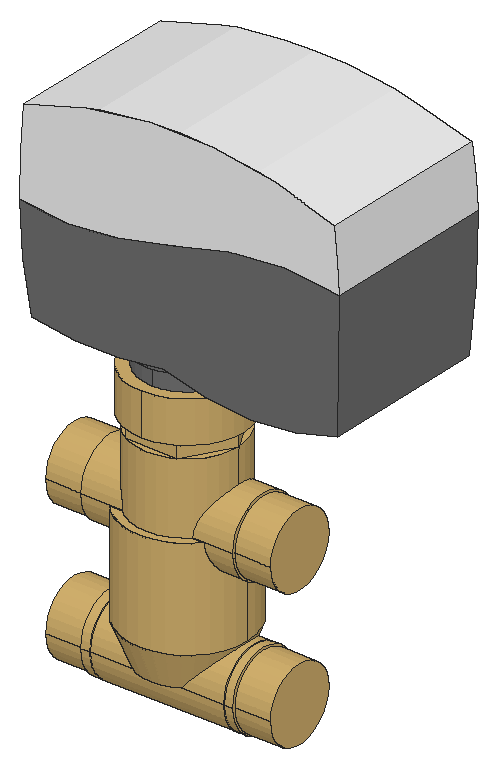
Revit family "VZL4_DN15-20_AMV(E) 130_140 (X)_RFA_1", category Pipe Accessories, Revit 2019
Family settings
  Round Connector Dimension = Use Diameter
  Part Type = Valve - Breaks Into
  OmniClass Number = 23.65.55.14.17
  OmniClass Title = Adjusting/Controlling Valves for Liquid Services
  Work Plane-Based = No
  Always vertical = Yes
  Cut with Voids When Loaded = No
  Shared = No
Parameters (values of type "VZL4_DN15_Kvs0.25_Conex_065Z2060")
  Weight = 0.39 kg
  W = 49.9 mm  # constant formula
  Voltage = if(or(Actuator Type = [082H0050], Actuator Type = [082H8037], Actuator Type = [082H8039]), 230 V, 24 V)  # 24 V
  Valve Body Material = Danfoss Brass
  URL = "https://store.danfoss.com/en/Climate-Solutions-for-heating/Motorised-Control-Valves-/Globe-Valves/Valves-for-Terminal-%26-Zone/c/4107?q=%3Arelevance%3Adanfoss_producttypehierarchydesc%3A10ae8e4584e60497f1cedf8b647fb92831fa8304&text="
  Stroke = "2.8 mm"  # constant formula
  R6 = 13 mm
  R3 = 11 mm
  R5 = 17.5 mm
  R4 = 15 mm
  R2 = 11 mm
  R1_1 = 11 mm
  R1 = 10.5 mm
  Pressure Drop [instance] = 0.0 bar
  Power = if(or(Actuator Type = [082H8044], Actuator Type = [082H8045]), 1.3 VA, if(or(Actuator Type = [082H8065]), 1.5 VA, if(or(Actuator Type = [082H0050], Actuator Type = [082H8037], Actuator Type = [082H8039]), 8 VA, 1 VA)))  # 1.3 VA
  Nominal Pressure = "PN 16"  # constant formula
  Model Type = "VZL4_DN15_Kvs0.25_Conex"
  Model = "065Z2060"
  Min Medium Temperature = "2°C"  # constant formula
  Max Operating Pressure = "16 bar"  # constant formula
  Max Medium Temperature = "120°C"  # constant formula
  Max Differential Pressure = "2.5 bar"
  Manufacturer = "Danfoss"  # constant formula
  LOD 350 = not(LOD 200)  # yes
  LOD 200 = no
  L1 = 10.5 mm
  L = 65 mm
  Kvs (B-AB) = 0.25 m³/h
  Kvs (A-AB) = 0.25 m³/h
  IfcExportType = "VZL4"  # constant formula
  IfcExportAs = "IfcValveType"  # constant formula
  Ha [instance] = 113.2 mm
  H2 = 51 mm
  H1 = 20.5 mm
  H [instance] = 164.2 mm
  Flow [instance] = 0.0 m³/h
  Description = "Motorized Control Valve"  # constant formula
  D1 = R2 * 2  # 22 mm
  D = 15 mm
  Connection = "External Thread"  # constant formula
  C = 40 mm
  Actuator Type = AMV(E) 130_140 (X)_RFA : AME 130_24V_1.5m_082H8044
  082H8065 = AMV(E) 130_140 (X)_RFA : AME 140 X_24V_1.5m_082H8065
  082H8045 = AMV(E) 130_140 (X)_RFA : AME 140_24V_1.5m_082H8045
  082H8044 = AMV(E) 130_140 (X)_RFA : AME 130_24V_1.5m_082H8044
  082H8039 = AMV(E) 130_140 (X)_RFA : AMV 140_230V_1.5m_082H8039
  082H8037 = AMV(E) 130_140 (X)_RFA : AMV 130_230V_1.5m_082H8037
  082H0050 = AMV(E) 130_140 (X)_RFA : AMV 130_230V_0.5m_IP_082H0050
Types (15, lengths in mm): name | Weight | R3 | R5 | R4 | R2 | R1_1 | R1 | Model Type | Model | Max Differential Pressure | L1 | L | Kvs (B-AB) | Kvs (A-AB) | H2 | H1 | D1 | D | C
  (no name) | 0.39 kg | 11 | 17.5 | 15 | 11 | 11 | 10.5 | "VZL4_DN15_Kvs0.25_Conex" | "065Z2060" | "2.5 bar" | 10.5 | 65 | 0.25 m³/h | 0.25 m³/h | 51 | 20.5 | 22 | 15 | 40
  VZL4_DN15_Kvs0.25_Flat End_065Z2090 | 0.39 kg | 11 | 17.5 | 15 | 11 | 11 | 10.5 | "VZL4_DN15_Kvs0.25_Flat End" | "065Z2090" | "2.5 bar" | 10.5 | 65 | 0.25 m³/h | 0.25 m³/h | 51 | 20.5 | 22 | 15 | 40
  VZL4_DN20_Kvs3.5_Conex_065Z2066 | 0.59 kg | 12.5 | 20 | 18.5 | 15.5 | 14.3 | 14.3 | "VZL4_DN20_Kvs3.5_Conex" | "065Z2066" | "1.0 bar" | 11.5 | 77 | 2.5 m³/h | 3.5 m³/h | 64.25 | 26.5 | 31 | 20 | 50
  VZL4_DN15_Kvs0.4_Flat End_065Z2091 | 0.39 kg | 11 | 17.5 | 15 | 11 | 11 | 10.5 | "VZL4_DN15_Kvs0.4_Flat End" | "065Z2091" | "2.5 bar" | 10.5 | 65 | 0.25 m³/h | 0.4 m³/h | 51 | 20.5 | 22 | 15 | 40
  VZL4_DN15_Kvs0.63_Flat End_065Z2092 | 0.39 kg | 11 | 17.5 | 15 | 11 | 11 | 10.5 | "VZL4_DN15_Kvs0.63_Flat End" | "065Z2092" | "2.5 bar" | 10.5 | 65 | 0.4 m³/h | 0.63 m³/h | 51 | 20.5 | 22 | 15 | 40
  VZL4_DN15_Kvs1.0_Conex_065Z2063 | 0.39 kg | 11 | 17.5 | 15 | 11 | 11 | 10.5 | "VZL4_DN15_Kvs1.0_Conex" | "065Z2063" | "2.0 bar" | 10.5 | 65 | 0.63 m³/h | 1.0 m³/h | 51 | 20.5 | 22 | 15 | 40
  VZL4_DN15_Kvs1.6_Flat End_065Z2094 | 0.39 kg | 11 | 17.5 | 15 | 11 | 11 | 10.5 | "VZL4_DN15_Kvs1.6_Flat End" | "065Z2094" | "2.0 bar" | 10.5 | 65 | 1.0 m³/h | 1.6 m³/h | 51 | 20.5 | 22 | 15 | 40
  VZL4_DN15_Kvs0.25_Conex_065Z2060 | 0.39 kg | 11 | 17.5 | 15 | 11 | 11 | 10.5 | "VZL4_DN15_Kvs0.25_Conex" | "065Z2060" | "2.5 bar" | 10.5 | 65 | 0.25 m³/h | 0.25 m³/h | 51 | 20.5 | 22 | 15 | 40
  VZL4_DN15_Kvs0.4_Conex_065Z2061 | 0.39 kg | 11 | 17.5 | 15 | 11 | 11 | 10.5 | "VZL4_DN15_Kvs0.4_Conex" | "065Z2061" | "2.5 bar" | 10.5 | 65 | 0.25 m³/h | 0.4 m³/h | 51 | 20.5 | 22 | 15 | 40
  VZL4_DN15_Kvs0.63_Conex_065Z2062 | 0.39 kg | 11 | 17.5 | 15 | 11 | 11 | 10.5 | "VZL4_DN15_Kvs0.63_Conex" | "065Z2062" | "2.5 bar" | 10.5 | 65 | 0.4 m³/h | 0.63 m³/h | 51 | 20.5 | 22 | 15 | 40
  VZL4_DN15_Kvs1.6_Conex_065Z2064 | 0.39 kg | 11 | 17.5 | 15 | 11 | 11 | 10.5 | "VZL4_DN15_Kvs1.6_Conex" | "065Z2064" | "2.0 bar" | 10.5 | 65 | 1.0 m³/h | 1.6 m³/h | 51 | 20.5 | 22 | 15 | 40
  VZL4_DN15_Kvs1.0_Flat End_065Z2093 | 0.39 kg | 11 | 17.5 | 15 | 11 | 11 | 10.5 | "VZL4_DN15_Kvs1.0_Flat End" | "065Z2093" | "2.0 bar" | 10.5 | 65 | 0.63 m³/h | 1.0 m³/h | 51 | 20.5 | 22 | 15 | 40
  VZL4_DN20_Kvs2.5_Conex_065Z2065 | 0.59 kg | 12.5 | 20 | 18.5 | 15.5 | 14.3 | 14.3 | "VZL4_DN20_Kvs2.5_Conex" | "065Z2065" | "1.0 bar" | 11.5 | 77 | 1.6 m³/h | 2.5 m³/h | 64.25 | 26.5 | 31 | 20 | 50
  VZL4_DN20_Kvs2.5_Flat End_065Z2095 | 0.59 kg | 12.5 | 20 | 18.5 | 15.5 | 14.3 | 14.3 | "VZL4_DN20_Kvs2.5_Flat End" | "065Z2095" | "1.0 bar" | 11.5 | 77 | 1.6 m³/h | 2.5 m³/h | 64.25 | 26.5 | 31 | 20 | 50
  VZL4_DN20_Kvs3.5_Flat End_065Z2096 | 0.59 kg | 12.5 | 20 | 18.5 | 15.5 | 14.3 | 14.3 | "VZL4_DN20_Kvs3.5_Flat End" | "065Z2096" | "1.0 bar" | 11.5 | 77 | 2.5 m³/h | 3.5 m³/h | 64.25 | 26.5 | 31 | 20 | 50
Reference planes
  plane 1 "Center (Front/Back)": y = 0
  plane 2: z = 0
  plane 3 "Center (Left/Right)": x = 0
  plane 4: z = -51
  plane 5: x = -32.5
  plane 6: x = 32.5
  plane 7: x = -22
  plane 8: x = 22
  plane 9: z = 20.5
  plane 10: z = 30.4
  plane 11 "c": z = -40
  plane 12: z = -40
  plane 13: x = -19.4
  plane 14: x = 19.4
  plane 15: z = -29
  plane 16: y = -24.95
  plane 17: y = 24.95
Forms (mm)
  Extrusion 1, solid, material "Danfoss Brass" <- "Valve Body Material", visible <- "LOD 350", detail levels fine
    sketch origin (0, 0, 0) x (0, 1, 0) y (0, 0, 1)
      loop
        circle (0, 0) r 10.5
    from 22 to 32.5
  Extrusion 2, solid, material "Danfoss Brass" <- "Valve Body Material", visible <- "LOD 350", detail levels fine
    sketch origin (0, 0, 0) x (0, 1, 0) y (0, 0, 1)
      loop
        circle (0, 0) r 10.5
    from -32.5 to -22
  Extrusion 3, solid, material "Danfoss Brass" <- "Valve Body Material", visible <- "LOD 350", detail levels fine
    sketch origin (0, 0, 0) x (0, 1, 0) y (0, 0, 1)
      loop
        circle (0, 0) r 11
    from -22 to 22
  Extrusion 4, solid, material "Danfoss Brass" <- "Valve Body Material", visible <- "LOD 350", detail levels fine
    sketch origin (0, 0, 0) x (1, 0, 0) y (0, 1, 0)
      loop
        circle (0, 0) r 17.5
    from -29 to 0
  Extrusion 5, solid, material "Danfoss Brass" <- "Valve Body Material", visible <- "LOD 350", detail levels fine
    sketch origin (0, 0, 0) x (1, 0, 0) y (0, 1, 0)
      loop
        circle (0, 0) r 15
    from 0 to 20.5
  Extrusion 6, solid, material "Danfoss Brass" <- "Valve Body Material", visible <- "LOD 350", detail levels fine
    sketch origin (0, 0, 0) x (1, 0, 0) y (0, 1, 0)
      loop
        line (-7.506, 13) -> (-15.011, 0) -> (-7.506, -13) -> (7.506, -13) -> (15.011, 0) -> (7.506, 13) -> (-7.506, 13)
    from 20.5 to 30.4
  Extrusion 7, solid, material "Danfoss Brass" <- "Valve Body Material", visible <- "LOD 200", detail levels fine
    sketch origin (0, 0, 0) x (0, 1, 0) y (0, 0, 1)
      loop
        circle (0, 0) r 10.5
    from -32.5 to 32.5
  Extrusion 8, solid, material "Danfoss Brass" <- "Valve Body Material", visible <- "LOD 200", detail levels fine
    sketch origin (0, 0, 0) x (1, 0, 0) y (0, 1, 0)
      loop
        circle (0, 0) r 17.5
    from -40 to 30.4
  Extrusion 9, solid, material "Danfoss Brass" <- "Valve Body Material", visible <- "LOD 350", detail levels fine
    sketch origin (0, 0, -40) x (0, 1, 0) y (0, 0, 1)
      loop
        circle (0, 0) r 11
    from -19.4 to 19.4
  Extrusion 10, solid, material "Danfoss Brass" <- "Valve Body Material", visible <- "LOD 350", detail levels fine
    sketch origin (0, 0, -40.189) x (0, 1, 0) y (0, 0, 1)
      loop
        circle (0, 0.189) r 10.5
    from 22 to 32.5
  Extrusion 11, solid, material "Danfoss Brass" <- "Valve Body Material", visible <- "LOD 350", detail levels fine
    sketch origin (0, 0, -40.189) x (0, 1, 0) y (0, 0, 1)
      loop
        circle (0, 0.189) r 10.5
    from -32.5 to -22
  Blend 12, solid, material "Danfoss Brass" <- "Valve Body Material", visible <- "LOD 350", detail levels fine
    base sketch origin (0, 0, 0) x (0, 1, 0) y (0, 0, 1)
      loop
        circle (0, -40) r 11
    top sketch origin (0, 0, 0) x (0, 1, 0) y (0, 0, 1)
      loop
        circle (0, -40) r 11
    from -22 to -19.4
  Blend 13, solid, material "Danfoss Brass" <- "Valve Body Material", visible <- "LOD 350", detail levels fine
    base sketch origin (0, 0, 0) x (0, 1, 0) y (0, 0, -1)
      loop
        circle (0, 40) r 11
    top sketch origin (0, 0, 0) x (0, 1, 0) y (0, 0, -1)
      loop
        circle (0, 40) r 11
    from -22 to -19.4
  Extrusion 14, solid, material "Danfoss Brass" <- "Valve Body Material", visible <- "LOD 200", detail levels fine
    sketch origin (0, 0, -49.6) x (0, 1, 0) y (0, 0, 1)
      loop
        circle (0, 9.6) r 10.5
    from -32.5 to 32.5
  Blend 15, solid, material "Danfoss Brass" <- "Valve Body Material", visible <- "LOD 350", detail levels fine
    base sketch origin (0, 0, 0) x (1, 0, 0) y (0, 1, 0)
      loop
        circle (0, 0) r 17.5
    top sketch origin (0, 0, 0) x (1, 0, 0) y (0, 1, 0)
      loop
        circle (0, 0) r 13
    from -29 to -40
Dimensions and locks
  "H2": level to plane 4
  "H1": plane 9 to level
  "L": plane 6 to plane 5
  "L1": plane 7 to plane 5
  "L1": plane 6 to plane 8
  equal spacing: plane 6, plane 3 "Center (Left/Right)", plane 5
  locked: plane 10 to plane 9 at 9.9
  level to plane 4 = 51 mm
  "R3": plane 12 to plane 4
  "C": level to plane 11 "c"
  locked: plane 13 to plane 7 at 2.6
  locked: plane 8 to plane 14 at 2.6
  "R3": plane 15 to plane 11 "c"
  equal spacing: plane 16, plane 1 "Center (Front/Back)", plane 17
  "W": plane 16 to plane 17
  locked: plane 10 to nested 2 at 5.6
  "Ha": nested 2 to plane 2
  "H": nested 2 to plane 4
  "R1": radius of Extrusion 1 sketch curve
  "R1": radius of Extrusion 2 sketch curve
  "R2": radius of Extrusion 3 sketch curve
  "R5": radius of Extrusion 4 sketch curve
  "R4": radius of Extrusion 5 sketch curve
  "R1": radius of Extrusion 7 sketch curve
  "R5": radius of Extrusion 8 sketch curve
  "R3": radius of Extrusion 9 sketch curve
  "R1": radius of Extrusion 10 sketch curve
  "R1": radius of Extrusion 11 sketch curve
  "R1_1": radius of Blend 12 sketch curve
  "R3": radius of Blend 12 sketch curve
  "R1_1": radius of Blend 13 sketch curve
  "R3": radius of Blend 13 sketch curve
  "R1": radius of Extrusion 14 sketch curve
  "R5": radius of Blend 15 sketch curve
  "R6": radius of Blend 15 sketch curve
  aligned and locked: level to plane 2
  aligned and locked: plane 1 "Center (Front/Back)" to Extrusion 1 sketch curve
  aligned and locked: level to Extrusion 1 sketch curve
  aligned and locked: plane 6 to Extrusion 1
  aligned and locked: Extrusion 1 to plane 8
  aligned and locked: plane 1 "Center (Front/Back)" to Extrusion 2 sketch curve
  aligned and locked: level to Extrusion 2 sketch curve
  aligned and locked: Extrusion 2 to plane 5
  aligned and locked: plane 7 to Extrusion 2
  aligned and locked: plane 1 "Center (Front/Back)" to Extrusion 3 sketch curve
  aligned and locked: level to Extrusion 3 sketch curve
  aligned and locked: Extrusion 3 to plane 7
  aligned and locked: plane 8 to Extrusion 3
  aligned and locked: plane 3 "Center (Left/Right)" to Extrusion 4 sketch curve
  aligned and locked: plane 1 "Center (Front/Back)" to Extrusion 4 sketch curve
  aligned and locked: level to Extrusion 4
  aligned and locked: plane 3 "Center (Left/Right)" to Extrusion 5 sketch curve
  aligned and locked: plane 1 "Center (Front/Back)" to Extrusion 5 sketch curve
  aligned and locked: plane 9 to Extrusion 5
  aligned and locked: Extrusion 6 to plane 9
  aligned and locked: plane 10 to Extrusion 6
  aligned and locked: plane 1 "Center (Front/Back)" to Extrusion 7 sketch curve
  aligned and locked: level to Extrusion 7 sketch curve
  aligned and locked: Extrusion 7 to plane 5
  aligned and locked: plane 6 to Extrusion 7
  aligned and locked: plane 3 "Center (Left/Right)" to Extrusion 8 sketch curve
  aligned and locked: plane 1 "Center (Front/Back)" to Extrusion 8 sketch curve
  aligned and locked: plane 10 to Extrusion 8
  aligned and locked: plane 1 "Center (Front/Back)" to Extrusion 11 sketch curve
  aligned and locked: plane 11 "c" to Extrusion 11 sketch curve
  aligned and locked: plane 1 "Center (Front/Back)" to Extrusion 9 sketch curve
  aligned and locked: plane 1 "Center (Front/Back)" to Extrusion 10 sketch curve
  aligned and locked: plane 11 "c" to Extrusion 10 sketch curve
  aligned and locked: Extrusion 11 to plane 5
  aligned and locked: plane 6 to Extrusion 10
  aligned and locked: plane 7 to Extrusion 11
  aligned and locked: Extrusion 10 to plane 8
  aligned and locked: Extrusion 9 to plane 13
  aligned and locked: plane 14 to Extrusion 9
  aligned and locked: plane 1 "Center (Front/Back)" to Blend 12 sketch curve  (x2)
  aligned and locked: plane 11 "c" to Blend 12 sketch curve  (x2)
  aligned and locked: Blend 12 to plane 7
  aligned and locked: plane 13 to Blend 12
  aligned and locked: plane 8 to Blend 13
  aligned and locked: Blend 13 to plane 14
  aligned and locked: plane 1 "Center (Front/Back)" to Extrusion 14 sketch curve
  aligned and locked: plane 11 "c" to Extrusion 14 sketch curve
  aligned and locked: plane 11 "c" to Extrusion 9 sketch curve
  aligned and locked: Extrusion 8 to plane 11 "c"
  aligned and locked: Extrusion 14 to plane 5
  aligned and locked: plane 6 to Extrusion 14
  aligned and locked: Extrusion 4 to plane 15
  aligned and locked: plane 3 "Center (Left/Right)" to Blend 15 sketch curve  (x2)
  aligned and locked: plane 1 "Center (Front/Back)" to Blend 15 sketch curve  (x2)
  aligned and locked: plane 15 to Blend 15
  aligned and locked: Blend 15 to plane 11 "c"
  aligned and locked: plane 1 "Center (Front/Back)" to nested 1
  aligned and locked: plane 3 "Center (Left/Right)" to nested 1
  aligned and locked: nested 1 to plane 3 "Center (Left/Right)"
  aligned and locked: nested 2 to plane 1 "Center (Front/Back)"
  aligned and locked: plane 3 "Center (Left/Right)" to nested 2
Automatic sketch dimensions
  Blend 13 sketch curve to plane 1 "Center (Front/Back)" = 0 mm  (x2)
  Blend 13 sketch curve to plane 11 "c" = 0 mm  (x2)
Nested families
  nested 1: "Schematic_4-Way Valve" at (0, 0, 0), type "Schematic_4-Way Valve", detail levels coarse+medium
  nested 2: "AMV(E) 130_140 (X)_RFA" at (0, 0, 24.8) x (0, 1, 0) z (0, 0, 1), LOD 200 <- "LOD 200", Voltage <- "Voltage", Power <- "Power", type <- "Actuator Type", type "AME 130_24V_1.5m_082H8044", detail levels fine
    with Voltage 24 V, Power 1.3 VA, LOD 350 yes, LOD 200 no
Connectors
  piping at (32.5, 0, 0), diameter 15, driven by "D", driven by "Flow"
    settings: on Extrusion 1, index 1, connector inside diameter 609.6 mm, connector length 0 mm, flow factor 0, pipe flow 0.0 m³/h, pressure drop 0.0 bar, fitting loss kfactor 0, connector angle 0.00°, fixture units 0, engagement length 0 mm, angle of deflection 0.00°, flow configuration 0, flow direction 2, fitting loss method 0, system type 29, joint type 0, gender type 0, connector reference index 2, connector utility 0, adjustable connector no, is connector primary no, connector description "AB"
  piping at (-32.5, 0, 0), diameter 15, driven by "D", driven by "Flow"
    settings: on Extrusion 2, index 2, connector inside diameter 609.6 mm, connector length 0 mm, flow factor 0, pipe flow 0.0 m³/h, pressure drop 0.0 bar, fitting loss kfactor 0, connector angle 0.00°, fixture units 0, engagement length 0 mm, angle of deflection 0.00°, flow configuration 0, flow direction 1, fitting loss method 0, system type 29, joint type 0, gender type 0, connector reference index 1, connector utility 0, adjustable connector no, is connector primary yes, connector description "A"
  piping at (32.5, 0, -40), diameter 15, driven by "Flow", driven by "D"
    settings: on Extrusion 10, index 3, connector inside diameter 609.6 mm, connector length 0 mm, flow factor 0, pipe flow 0.0 m³/h, pressure drop 0.0 bar, fitting loss kfactor 0, connector angle 0.00°, fixture units 0, engagement length 0 mm, angle of deflection 0.00°, flow configuration 0, flow direction 1, fitting loss method 0, system type 29, joint type 0, gender type 0, connector reference index 4, connector utility 0, adjustable connector no, is connector primary no, connector description "B"
  piping at (-32.5, 0, -40), diameter 15, driven by "Flow", driven by "D"
    settings: on Extrusion 11, index 4, connector inside diameter 609.6 mm, connector length 0 mm, flow factor 0, pipe flow 0.0 m³/h, pressure drop 0.0 bar, fitting loss kfactor 0, connector angle 0.00°, fixture units 0, engagement length 0 mm, angle of deflection 0.00°, flow configuration 0, flow direction 2, fitting loss method 0, system type 29, joint type 0, gender type 0, connector reference index 3, connector utility 0, adjustable connector no, is connector primary no, connector description "B"
  electrical at (0, 0, 0), driven by "Voltage", driven by "Power"
    settings: index 7, voltage 24 V, apparent load 0 VA, apparent load phase1 1.3 VA, apparent load phase2 0 VA, apparent load phase3 0 VA, power factor 0.95, load classification "HVAC", number of poles 1, system type 31, power factor state 1, is connector primary yes, connector utility no, sub classification motor no, connector description ""
Definition of nested family "AMV(E) 130_140 (X)_RFA"
  Parameters (values of type "AME 130_24V_1.5m_082H8044")
    Weight = 0.30 kg  # constant formula
    W3 = 28.8 mm
    W2 = 26 mm
    W1 = 33 mm
    W [instance] = 50 mm
    Voltage [instance] = 24 V
    URL = "https://store.danfoss.com/en/Climate-Solutions-for-heating/Motorised-Control-Valves/Actuators-for-Globe-Valves/Actuators-Without-Safety-Function/c/4109?q=%3Arelevance%3Adanfoss_producttypehierarchydesc%3AAME+130%3Adanfoss_producttypehierarchydesc%3AAME+140%3Adanfoss_producttypehierarchydesc%3AAMV+130%3Adanfoss_producttypehierarchydesc%3AAMV+140%3Adanfoss_producttypehierarchydesc%3AAME+140+X&text="
    Type Comments = ""
    Speed = "24 s/mm"
    Safety Function = "No"  # constant formula
    Power Supply = "24 V"
    Power Consumption = "1.3 W"
    Power [instance] = 1.3 VA
    Output Signal = "NA"
    Model Type = "AME 130_24V_1.5m"
    Model = "082H8044"
    Min Ambient Temperature = "0 °C"  # constant formula
    Max Stroke = 5.5 mm  # constant formula
    Max Medium Temperature = "130 °C"  # constant formula
    Max Ambient Temperature = "55 °C"  # constant formula
    Manufacturer = "Danfoss"  # constant formula
    LOD 350 [instance] = not(LOD 200)  # yes
    LOD 200 [instance] = no
    L1 = 28.4 mm
    L [instance] = 92.4 mm
    IfcExportType = "AME 130"
    IfcExportAs = "IfcActuatorType"  # constant formula
    H1 = 12 mm
    H [instance] = 88.4 mm
    Description = "Gear Actuator"  # constant formula
    Control Input Signal = "0-10 V / 0-20 mA"
    Closing Force = "200 N"  # constant formula
    Cable Length = 1500 mm
    Body Material = none
  Types (12, lengths in mm): name | Voltage | Speed | Power Supply | Power Consumption | Power | Output Signal | Model Type | Model | IfcExportType | Control Input Signal | Cable Length
    AME 130_24V_1.5m_082H8044 | 24 V | "24 s/mm" | "24 V" | "1.3 W" | 1.3 VA | "NA" | "AME 130_24V_1.5m" | "082H8044" | "AME 130" | "0-10 V / 0-20 mA" | 1500
    AME 140_24V_1.5m_082H8045 | 24 V | "12 s/mm" | "24 V" | "1.3 W" | 1.3 VA | "NA" | "AME 140_24V_1.5m" | "082H8045" | "AME 140" | "0-10 V / 0-20 mA" | 1500
    AMV 130_230V_0.5m_IP_082H0050 | 230 V | "24 s/mm" | "230 V" | "8 W" | 8 VA | "NA" | "AMV 130_230V_0.5m_IP" | "082H0050" | "AMV 130" | "3-point" | 500
    AMV 130_24V_1.5m_082H8036 | 24 V | "24 s/mm" | "24 V" | "1 W" | 1 VA | "NA" | "AMV 130_24V_1.5m" | "082H8036" | "AMV 130" | "3-point" | 1500
    AMV 130_230V_1.5m_082H8037 | 230 V | "24 s/mm" | "230 V" | "8 W" | 8 VA | "NA" | "AMV 130_230V_1.5m" | "082H8037" | "AMV 130" | "3-point" | 1500
    AMV 130_24V_5m_082H8068 | 24 V | "24 s/mm" | "24 V" | "1 W" | 1 VA | "NA" | "AMV 130_24V_5m" | "082H8068" | "AMV 130" | "3-point" | 5000
    AMV 130_24V_10m_082H8070 | 24 V | "24 s/mm" | "24 V" | "1 W" | 1 VA | "NA" | "AMV 130_24V_10m" | "082H8070" | "AMV 130" | "3-point" | 10000
    AMV 140_24V_1.5m_082H8038 | 24 V | "12 s/mm" | "24 V" | "1 W" | 1 VA | "NA" | "AMV 140_24V_1.5m" | "082H8038" | "AMV 140" | "3-point" | 1500
    AMV 140_230V_1.5m_082H8039 | 230 V | "12 s/mm" | "230 V" | "8 W" | 8 VA | "NA" | "AMV 140_230V_1.5m" | "082H8039" | "AMV 140" | "3-point" | 1500
    AMV 140_24V_5m_082H8069 | 24 V | "12 s/mm" | "24 V" | "1 W" | 1 VA | "NA" | "AMV 140_24V_5m" | "082H8069" | "AMV 140" | "3-point" | 5000
    AMV 140_24V_10m_082H8071 | 24 V | "12 s/mm" | "24 V" | "1 W" | 1 VA | "NA" | "AMV 140_24V_10m" | "082H8071" | "AMV 140" | "3-point" | 10000
    AME 140 X_24V_1.5m_082H8065 | 24 V | "12 s/mm" | "24 V" | "1.5 W" | 1.5 VA | "0-10 V" | "AME 140 X_24V_1.5m" | "082H8065" | "AME 140 X" | "0-10 V / 0-20 mA" | 1500
  Reference planes
    plane 1 "Center (Front/Back)": y = 0
    plane 2: z = 0
    plane 3 "Center (Left/Right)": x = 0
    plane 4: z = 12
    plane 5: y = -64
    plane 6: y = 28.4
    plane 7: z = 88.4
    plane 8: x = 25
    plane 9: x = -25
    plane 10: x = -16.5
    plane 11: x = 16.5
    plane 12: z = 32
    plane 13: x = -13
    plane 14: x = 13
    plane 15: x = -14.4
    plane 16: x = 14.4
    plane 17 "Plane Bottom": z = 17.2
    plane 18: y = 25.9
    plane 19: y = 27.4
    plane 20: z = 80.4
    plane 21: y = -62.5
    plane 22: z = 23.2
    plane 23: z = 25.4
    plane 24: z = 55.5
    plane 25: z = 63
    plane 26: z = 64.5
    plane 27: z = 54
    plane 28: z = 20.7
    plane 29: y = -26
    plane 30: y = -38.5
    plane 31: z = 86.9
    plane 32: x = -24.5
    plane 33: x = 24.5
    plane 34: x = -23.5
    plane 35: x = 23.5
    plane 36: x = -27
    plane 37: x = 27
    plane 38: y = 27.9
    plane 39: x = -22.5
    plane 40: y = -63.5
    plane 41: x = 22.5
  Forms (mm)
    Extrusion 1, solid, detail levels fine
      sketch origin (0, 0, 0) x (1, 0, 0) y (0, 1, 0)
        loop
          circle (0, 0) r 16.5
      from 0 to 12
    Revolve 2, solid, visible <- "LOD 350", detail levels fine
      sketch origin (0, 0, 0) x (1, 0, 0) y (0, 0, 1)
        loop
          line (-14.4, 17.2) -> (-13, 17.2) -> (-13, 12) -> (0, 12) -> (0, 32) -> (-14.4, 32) -> (-14.4, 17.2)
        axis (0, 32) -> (0, 12)
      angle from 0 to 360
    Extrusion 3, solid, visible <- "LOD 350", detail levels fine
      sketch origin (0, 0, 0) x (0, 1, 0) y (0, 0, 1)
        loop
          arc (-64, 63) -> (-63.628, 44.185) -> (-62.5, 25.4) r 467.805
          arc (-62.5, 25.4) -> (-37.155, 20.685) -> (-11.757, 25.101) r 72.777
          arc (-11.757, 25.101) -> (7.088, 23.201) -> (25.9, 25.4) r 87.494
          arc (25.9, 25.4) -> (27.789, 40.397) -> (28.4, 55.5) r 178.069
          arc (28.4, 55.5) -> (14.2, 54) -> (0, 55.5) r 67.953
          arc (0, 55.5) -> (-16.037, 59.092) -> (-31.999, 63) r 834.074
          arc (-31.999, 63) -> (-48, 64.5) -> (-64, 63) r 86.072
      from -27 to 27
    Extrusion 4, solid, material <- "Body Material", visible <- "LOD 350", detail levels fine
      sketch origin (0, 0, 0) x (0, 1, 0) y (0, 0, 1)
        loop
          arc (-62.5, 80.4) -> (-63.467, 71.719) -> (-64, 63) r 175.37
          arc (-64, 63) -> (-48, 64.5) -> (-31.999, 63) r 86.072
          arc (-31.999, 63) -> (-16.037, 59.092) -> (0, 55.5) r 834.074
          arc (0, 55.5) -> (14.2, 54) -> (28.4, 55.5) r 67.953
          arc (28.4, 55.5) -> (28.204, 67.962) -> (27.4, 80.4) r 255.314
          arc (27.4, 80.4) -> (-17.55, 88.505) -> (-62.5, 80.4) r 128.693
      from -27 to 27
    Extrusion 5, solid, visible <- "LOD 350", detail levels fine
      sketch origin (0, 0, 17.2) x (-1, 0, 0) y (0, -1, 0)
        loop
          line (-2.173, 26) -> (-2.173, 38.5) -> (-9.373, 38.5) -> (-9.373, 26) -> (-2.173, 26)
      from 0 to 8.2
    Extrusion 6, void
      sketch origin (0, 0, 0) x (1, 0, 0) y (0, 0, 1)
        loop
          line (-24.358, 89.4) -> (24.197, 89.4)
          arc (24.197, 89.4) -> (24.826, 53.28) -> (23.013, 17.2) r 534.228
          line (23.013, 17.2) -> (29.5, 17.2) -> (29.5, 93.4) -> (-30, 93.4) -> (-30, 17.2) -> (-23.022, 17.2)
          arc (-23.022, 17.2) -> (-24.911, 53.277) -> (-24.358, 89.4) r 534.166
      from -39.301 to 75.38
    Revolve 7, solid, visible <- "LOD 200", detail levels fine
      sketch origin (0, 0, 0) x (1, 0, 0) y (0, 0, 1)
        loop
          line (-13, 12) -> (0, 12) -> (0, 32) -> (-13, 32) -> (-13, 12)
        axis (0, 12) -> (0, 32)
      angle from 0 to 360
    Blend 8, solid, visible <- "LOD 200", detail levels fine
      base sketch origin (0, 0, 0) x (1, 0, 0) y (0, 1, 0)
        loop
          line (-23.667, -62.5) -> (23.5, -62.5) -> (23.5, 25.9) -> (-23.667, 25.9) -> (-23.667, -62.5)
      top sketch origin (0, 0, 0) x (1, 0, 0) y (0, 1, 0)
        loop
          line (-24.948, 28.4) -> (-24.948, -64) -> (24.898, -64) -> (24.898, 28.4) -> (-24.948, 28.4)
      from 25.4 to 63
    Blend 9, solid, material <- "Body Material", visible <- "LOD 200", detail levels fine
      base sketch origin (0, 0, 0) x (1, 0, 0) y (0, 1, 0)
        loop
          line (-24.948, 28.4) -> (-24.948, -64) -> (24.898, -64) -> (24.898, 28.4) -> (-24.948, 28.4)
      top sketch origin (0, 0, 0) x (1, 0, 0) y (0, 1, 0)
        loop
          line (-24.724, 27.4) -> (-24.724, -62.5) -> (24.582, -62.5) -> (24.582, 27.4) -> (-24.724, 27.4)
      from 63 to 88.4
  Cuts and joins
    Extrusion 6 cuts Extrusion 3
    Extrusion 6 cuts Extrusion 4
  Dimensions and locks
    plane 5 to plane 6 = 92.4 mm
    equal spacing: plane 8, plane 3 "Center (Left/Right)", plane 9
    "W": plane 8 to plane 9
    plane 7 to level = 88.4 mm
    "H1": plane 4 to level
    equal spacing: plane 11, plane 3 "Center (Left/Right)", plane 10
    "W1": plane 11 to plane 10
    equal spacing: plane 14, plane 3 "Center (Left/Right)", plane 13
    "W2": plane 14 to plane 13
    equal spacing: plane 16, plane 3 "Center (Left/Right)", plane 15
    "W3": plane 16 to plane 15
    "L1": plane 1 "Center (Front/Back)" to plane 6
    plane 12 to level = 32 mm
    plane 17 "Plane Bottom" to plane 4 = 5.2 mm
    plane 17 "Plane Bottom" to level = 17.2 mm
    Extrusion 5 sketch curve to Extrusion 5 sketch curve = 7.2 mm
    plane 37 to plane 3 "Center (Left/Right)" to plane 36 = 27 mm, 27 mm
    "L": plane 6 to plane 5
    "H": plane 7 to level
    diameter of Extrusion 1 sketch curve = 33 mm
    aligned and locked: level to plane 2
    aligned and locked: plane 4 to Extrusion 1
    aligned and locked: plane 15 to Revolve 2 sketch curve
    aligned and locked: Revolve 2 sketch curve to plane 12
    aligned and locked: Revolve 2 sketch curve to plane 17 "Plane Bottom"
    aligned and locked: Revolve 2 sketch curve to plane 13
    aligned and locked: Revolve 2 sketch curve to plane 4
    aligned and locked: plane 3 "Center (Left/Right)" to Revolve 2 sketch curve
    aligned and locked: Revolve 2 sketch curve to Revolve 2 sketch curve
    aligned and locked: Extrusion 5 sketch curve to plane 30
    aligned and locked: plane 29 to Extrusion 5 sketch curve
    aligned and locked: plane 23 to Extrusion 5
    aligned and locked: Extrusion 4 to plane 36
    aligned and locked: plane 37 to Extrusion 4
    aligned and locked: Extrusion 6 sketch curve to plane 17 "Plane Bottom"
    aligned and locked: Revolve 7 sketch curve to plane 4
    aligned and locked: Revolve 7 sketch curve to plane 13
    aligned and locked: Revolve 7 sketch curve to plane 3 "Center (Left/Right)"
    aligned and locked: Revolve 7 sketch curve to plane 12
    aligned and locked: Revolve 7 sketch curve to Revolve 7 sketch curve  (x2)
    aligned and locked: Blend 8 sketch curve to cut or joined group of Extrusion 3, Extrusion 6  (x4)
    aligned and locked: Blend 8 sketch curve to plane 18
    aligned and locked: Blend 8 sketch curve to plane 35
    aligned and locked: Blend 8 to plane 23
    aligned and locked: plane 25 to Blend 8
    aligned and locked: Blend 9 sketch curve to Blend 8  (x4)
    aligned and locked: Blend 9 sketch curve to cut or joined group of Extrusion 4, Extrusion 6  (x4)
    aligned and locked: Blend 9 to plane 25
    aligned and locked: plane 7 to Blend 9
  Automatic sketch dimensions
    plane 1 "Center (Front/Back)" to Extrusion 1 sketch curve = 0 mm
    Extrusion 1 sketch curve to plane 3 "Center (Left/Right)" = 0 mm
    Revolve 2 sketch curve to plane 4 = 0 mm
    Revolve 2 sketch curve to plane 12 = 0 mm
    Extrusion 3 sketch curve to plane 5 = 0 mm
    Extrusion 3 sketch curve to plane 21 = 0 mm
    Extrusion 3 sketch curve to plane 25 = 0 mm  (x2)
    Extrusion 3 sketch curve to plane 1 "Center (Front/Back)" = 0 mm  (x2)
    Extrusion 3 sketch curve to plane 18 = 0 mm
    Extrusion 3 sketch curve to plane 6 = 0 mm
    Extrusion 3 sketch curve to plane 23 = 0 mm  (x2)
    Extrusion 3 sketch curve to plane 24 = 0 mm  (x2)
    Extrusion 3 sketch curve to plane 24 = 0.364 mm
    Extrusion 3 sketch curve to plane 21 = 14.5 mm
    plane 7 to Extrusion 3 sketch curve = 5.06 mm
    Extrusion 3 sketch curve to plane 21 = 25.773 mm
    Extrusion 3 sketch curve to plane 1 "Center (Front/Back)" = 6.393 mm
    Extrusion 3 sketch curve to plane 6 = 145.895 mm
    Extrusion 3 sketch curve to plane 25 = 0.167 mm
    Extrusion 3 sketch curve to level = 21.572 mm
    Extrusion 3 sketch curve to Extrusion 3 sketch curve = 11.261 mm
    Extrusion 4 sketch curve to plane 5 = 0 mm
    Extrusion 4 sketch curve to plane 20 = 0 mm  (x2)
    Extrusion 4 sketch curve to plane 21 = 0 mm
    Extrusion 4 sketch curve to plane 19 = 0 mm
    Extrusion 4 sketch curve to plane 6 = 0 mm
    Extrusion 4 sketch curve to plane 24 = 0 mm  (x2)
    Extrusion 4 sketch curve to plane 25 = 0 mm  (x2)
    plane 24 to Extrusion 4 sketch curve = 2.217 mm
    plane 24 to Extrusion 4 sketch curve = 1.156 mm
    Extrusion 4 sketch curve to level = 40.188 mm
    Extrusion 4 sketch curve to plane 21 = 14.5 mm
    Extrusion 4 sketch curve to level = 21.572 mm
    Extrusion 4 sketch curve to plane 1 "Center (Front/Back)" = 0 mm  (x2)
    Extrusion 4 sketch curve to plane 6 = 145.895 mm
    plane 3 "Center (Left/Right)" to Extrusion 5 sketch curve = 2.173 mm
    plane 34 to Extrusion 6 sketch curve = 0.478 mm
    plane 35 to Extrusion 6 sketch curve = 0.487 mm
    Extrusion 6 sketch curve to plane 33 = 0.303 mm
    Extrusion 6 sketch curve to plane 25 = 0.963 mm
    plane 25 to Extrusion 6 sketch curve = 0.156 mm
    Extrusion 6 sketch curve to plane 28 = 3.5 mm
    plane 7 to Extrusion 6 sketch curve = 5 mm
    plane 8 to Extrusion 6 sketch curve = 4.5 mm
    Extrusion 6 sketch curve to plane 36 = 3 mm
    plane 32 to Extrusion 6 sketch curve = 0.142 mm
    plane 7 to Extrusion 6 sketch curve = 1 mm
    Revolve 7 sketch curve to plane 12 = 0 mm
    Blend 8 sketch curve to plane 5 = 0 mm
    Blend 8 sketch curve to plane 8 = 0.102 mm
Definition of nested family "Schematic_4-Way Valve"
  Parameters (values of type "Schematic_4-Way Valve")
    C = 40 mm
    L_1 = L / 2  # 32.5 mm
    L = 65 mm
    H = L  # 65 mm
    D1 = 22 mm
  Reference planes
    plane 1 "Center (Front/Back)": y = 0
    plane 2: z = 0
    plane 3 "Center (Left/Right)": x = 0
    plane 4: z = 11
    plane 5: z = -11
    plane 6: x = -32.5
    plane 7: x = 32.5
    plane 8: y = 11
    plane 9: y = -11
    plane 10: z = 65
    plane 11: z = 32.5
    plane 12: x = 16.25
    plane 13: x = -16.25
    plane 14: y = 65
    plane 15: y = 32.5
    plane 16: z = -40
    plane 17: z = -51
    plane 18: z = -29
  Lines and regions (mm)
    model lines
      curve 1: line (0, 0, 0) -> (32.5, 0, 11)
      curve 2: line (32.5, 0, 11) -> (32.5, 0, -11)
      curve 3: line (32.5, 0, -11) -> (0, 0, 0)
      curve 4: line (0, 0, 0) -> (-32.5, 0, 11)
      curve 5: line (-32.5, 0, 11) -> (-32.5, 0, -11)
      curve 6: line (-32.5, 0, -11) -> (0, 0, 0)
      curve 13: line (0, 0, 32.5) -> (0, 0, -40)
      curve 14: line (-16.25, 0, 65) -> (16.25, 0, 65)
      curve 15: line (-16.25, 0, 32.5) -> (-16.25, 0, 65)
      curve 16: line (16.25, 0, 32.5) -> (-16.25, 0, 32.5)
      curve 17: line (16.25, 0, 65) -> (16.25, 0, 32.5)
      curve 23: line (0, 0, -40) -> (32.5, 0, -29)
      curve 24: line (32.5, 0, -29) -> (32.5, 0, -51)
      curve 25: line (32.5, 0, -51) -> (0, 0, -40)
      curve 26: line (0, 0, -40) -> (-32.5, 0, -29)
      curve 27: line (-32.5, 0, -29) -> (-32.5, 0, -51)
      curve 28: line (-32.5, 0, -51) -> (0, 0, -40)
    symbolic lines
      curve 7: line (0, 0, 0) -> (32.5, 11, 0)
      curve 8: line (32.5, 11, 0) -> (32.5, -11, 0)
      curve 9: line (32.5, -11, 0) -> (0, 0, 0)
      curve 10: line (0, 0, 0) -> (-32.5, 11, 0)
      curve 11: line (-32.5, 11, 0) -> (-32.5, -11, 0)
      curve 12: line (-32.5, -11, 0) -> (0, 0, 0)
      curve 18: line (-16.25, 65, 0) -> (16.25, 65, 0)
      curve 19: line (-16.25, 32.5, 0) -> (-16.25, 65, 0)
      curve 20: line (16.25, 32.5, 0) -> (-16.25, 32.5, 0)
      curve 21: line (16.25, 65, 0) -> (16.25, 32.5, 0)
      curve 22: line (0, 0, 0) -> (0, 32.5, 0)
  Dimensions and locks
    "D1": plane 4 to plane 5
    equal spacing: plane 4, level, plane 5
    "D1": plane 9 to plane 8
    equal spacing: plane 9, plane 1 "Center (Front/Back)", plane 8
    "L_1": plane 10 to plane 11
    "H": plane 10 to level
    "L_1": plane 12 to plane 13
    equal spacing: plane 12, plane 3 "Center (Left/Right)", plane 13
    "H": plane 1 "Center (Front/Back)" to plane 14
    "L_1": plane 15 to plane 14
    equal spacing: plane 13, plane 3 "Center (Left/Right)", plane 12  (x2)
    plane 13 to plane 12 = 32.5 mm  (x2)
    equal spacing: plane 7, plane 3 "Center (Left/Right)", plane 6
    "L": plane 7 to plane 6
    "D1": plane 18 to plane 17
    equal spacing: plane 18, plane 16, plane 17
    "C": level to plane 16
    aligned and locked: level to plane 2
    aligned and locked: curve 2 to plane 7
    aligned and locked: curve 5 to plane 6
    aligned and locked: curve 14 to plane 10
    aligned and locked: plane 13 to curve 15
    aligned and locked: curve 17 to plane 12
    aligned and locked: plane 15 to curve 22
    aligned and locked: plane 11 to curve 13
    aligned and locked: curve 13 to plane 3 "Center (Left/Right)"
    aligned and locked: plane 16 to curve 13
    aligned and locked: curve 24 to plane 7
    aligned and locked: curve 27 to plane 6
    aligned and locked: plane 1 "Center (Front/Back)" to curve 22
  Automatic sketch dimensions
    curve 4 to level = 0 mm
    curve 4 to plane 3 "Center (Left/Right)" = 0 mm
    curve 28 to plane 17 = 0 mm
    curve 24 to plane 17 = 0 mm
    curve 26 to plane 18 = 0 mm
    curve 23 to plane 18 = 0 mm
    curve 5 to plane 5 = 0 mm
    curve 2 to plane 5 = 0 mm
    curve 1 to plane 4 = 0 mm
    curve 4 to plane 4 = 0 mm
    curve 11 to plane 6 = 0 mm
    curve 18 to plane 13 = 0 mm
    curve 21 to plane 12 = 0 mm
    curve 9 to plane 7 = 0 mm
    plane 9 to curve 8 = 0 mm
    plane 9 to curve 11 = 0 mm
    plane 8 to curve 8 = 0 mm
    plane 8 to curve 10 = 0 mm
    plane 14 to curve 19 = 0 mm
    curve 22 to plane 3 "Center (Left/Right)" = 0 mm
